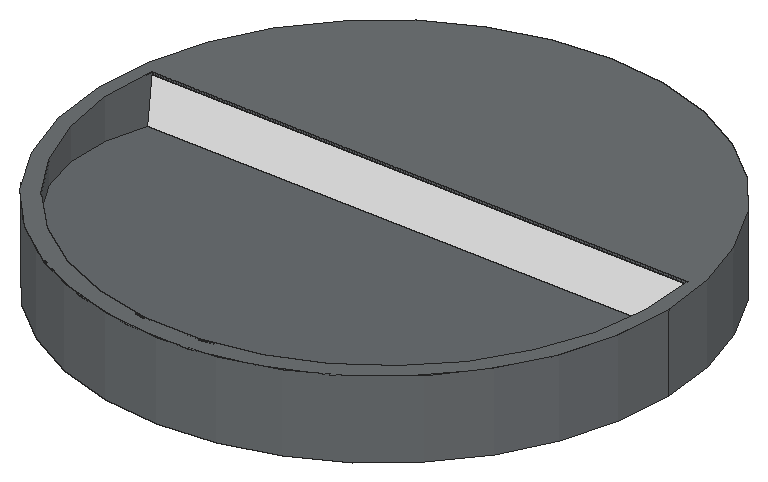
Revit family "Thorn CESAR STRIDE", category Lighting Fixtures, host Face, Revit 2023
Family settings
  Host = Face
  Round Connector Dimension = Use Diameter
  Part Type = Normal
  Cut with Voids When Loaded = Yes
  Light Source = Yes
  Maintain Annotation Orientation = No
  Shared = No
  Room Calculation Point = Yes
Parameters (values of type "CESAR STRIDE M SE 28L 927 RD ANT")
  Wattage = 10.1 W
  built-in parameter 1150110 = 1 (stored number, unit not read)
  URL = "https://www.thornlighting.com/96701599"
  Type Image = TLG_CESA_F_STRIDE_M_SE_ANT.jpg
  Type IFC Predefined Type = "DIRECTIONSOURCE"
  built-in parameter 1114217 = 1 (stored number, unit not read)
  Tilt Angle = -90.00°  # constant formula
  built-in parameter 1150109 = 1 (stored number, unit not read)
  built-in parameter 1150134 = 12
  built-in parameter 1150113 = 1 (stored number, unit not read)
  Housing Medium = yes
  Power Factor = 1
  Photometric Web File = "96701599_(STD).IES"
  Model = "96701599"
  Material Housing = Thorn-Aluminium-RAL 7016-Anthracite Grey
  Manufacturer = "Thorn Lighting"  # constant formula
  built-in parameter 1150105 = 79.577 (stored number, unit not read)
  Lumens = 355 lm
  Luminaire Width = 220 mm  # constant formula
  Luminaire Radius = 110 mm  # constant formula
  Luminaire Height = 30 mm  # constant formula
  built-in parameter 1150115 = 1 (stored number, unit not read)
  built-in parameter 1150137 = (empty or 0)
  built-in parameter 1150139 = (empty or 0)
  built-in parameter 1150112 = 1 (stored number, unit not read)
  built-in parameter 1150114 = 1 (stored number, unit not read)
  Lamp = "LED"  # constant formula
  built-in parameter 1150132 = 2
  built-in parameter 1150102 = (empty or 0)
  built-in parameter 1150107 = 2700 (stored number, unit not read)
  built-in parameter 1150138 = (empty or 0)
  built-in parameter 1150106 = 0.79577 (stored number, unit not read)
  Export Type to IFC As = "IfcLightFixtureType"
  Emit from Rectangle Width = Luminaire Width - 10 mm  # 210 mm
  Emit from Rectangle Length = 15 mm  # constant formula
  Emit Shape Visible in Rendering = 0 > 1  # no
  built-in parameter 1150104 = 3.2516 (stored number, unit not read)
  Dimming Lamp Color Temperature Shift = (empty or 0)
  Description = "Wall Mounted Architecural LED Luminaire"  # constant formula
  Default Elevation = 1000 mm  # constant formula
  Color Filter = 16777215
  built-in parameter 1114218 = 1 (stored number, unit not read)
  built-in parameter 1150133 = 10 (stored number, unit not read)
  Assembly Code = "PR_70_70_48_85"
  Apparent Load = Wattage / Power Factor  # 10.1 VA
Types (24, lengths in mm): name | URL | Type Image | Photometric Web File | Model | Material Housing | Lumens | built-in parameter 1150107 | built-in parameter 1150104
  CESAR STRIDE M SE 28L 927 HF ANT | "https://www.thornlighting.com/96700562" | TLG_CESA_F_STRIDE_M_SE_ANT.jpg | "96700562_(STD).IES" | "96700562" | Thorn-Aluminium-RAL 7016-Anthracite Grey | 355 lm | 2700 (stored number, unit not read) | 3.2516 (stored number, unit not read)
  CESAR STRIDE M SE 28L 927 HF BK | "https://www.thornlighting.com/96700560" | TLG_CESA_F_STRIDE_M_SE_BK.jpg | "96700560_(STD).IES" | "96700560" | Thorn-Aluminium-RAL 9005-Jet Black | 355 lm | 2700 (stored number, unit not read) | 3.2516 (stored number, unit not read)
  CESAR STRIDE M SE 28L 927 HF GY | "https://www.thornlighting.com/96700561" | TLG_CESA_F_STRIDE_M_SE_GY.jpg | "96700561_(STD).IES" | "96700561" | Thorn-Aluminium-RAL 9006-White Aluminium | 355 lm | 2700 (stored number, unit not read) | 3.2516 (stored number, unit not read)
  CESAR STRIDE M SE 28L 927 HF WH | "https://www.thornlighting.com/96700559" | TLG_CESA_F_STRIDE_M_SE_WH.jpg | "96700559_(STD).IES" | "96700559" | Thorn-Aluminium-RAL 9016-Traffic White | 355 lm | 2700 (stored number, unit not read) | 3.2516 (stored number, unit not read)
  CESAR STRIDE M SE 28L 927 RD ANT | "https://www.thornlighting.com/96701599" | TLG_CESA_F_STRIDE_M_SE_ANT.jpg | "96701599_(STD).IES" | "96701599" | Thorn-Aluminium-RAL 7016-Anthracite Grey | 355 lm | 2700 (stored number, unit not read) | 3.2516 (stored number, unit not read)
  CESAR STRIDE M SE 28L 927 RD BK | "https://www.thornlighting.com/96701597" | TLG_CESA_F_STRIDE_M_SE_BK.jpg | "96701597_(STD).IES" | "96701597" | Thorn-Aluminium-RAL 9005-Jet Black | 355 lm | 2700 (stored number, unit not read) | 3.2516 (stored number, unit not read)
  CESAR STRIDE M SE 28L 927 RD GY | "https://www.thornlighting.com/96701598" | TLG_CESA_F_STRIDE_M_SE_GY.jpg | "96701598_(STD).IES" | "96701598" | Thorn-Aluminium-RAL 9006-White Aluminium | 355 lm | 2700 (stored number, unit not read) | 3.2516 (stored number, unit not read)
  CESAR STRIDE M SE 28L 927 RD WH | "https://www.thornlighting.com/96701596" | TLG_CESA_F_STRIDE_M_SE_WH.jpg | "96701596_(STD).IES" | "96701596" | Thorn-Aluminium-RAL 9016-Traffic White | 355 lm | 2700 (stored number, unit not read) | 3.2516 (stored number, unit not read)
  CESAR STRIDE M SE 28L 930 HF ANT | "https://www.thornlighting.com/96700570" | TLG_CESA_F_STRIDE_M_SE_ANT.jpg | "96700570_(STD).IES" | "96700570" | Thorn-Aluminium-RAL 7016-Anthracite Grey | 374 lm | 3000 (stored number, unit not read) | 3.4374 (stored number, unit not read)
  CESAR STRIDE M SE 28L 930 HF BK | "https://www.thornlighting.com/96700568" | TLG_CESA_F_STRIDE_M_SE_BK.jpg | "96700568_(STD).IES" | "96700568" | Thorn-Aluminium-RAL 9005-Jet Black | 374 lm | 3000 (stored number, unit not read) | 3.4374 (stored number, unit not read)
  CESAR STRIDE M SE 28L 930 HF GY | "https://www.thornlighting.com/96700569" | TLG_CESA_F_STRIDE_M_SE_GY.jpg | "96700569_(STD).IES" | "96700569" | Thorn-Aluminium-RAL 9006-White Aluminium | 374 lm | 3000 (stored number, unit not read) | 3.4374 (stored number, unit not read)
  CESAR STRIDE M SE 28L 930 HF WH | "https://www.thornlighting.com/96700567" | TLG_CESA_F_STRIDE_M_SE_WH.jpg | "96700567_(STD).IES" | "96700567" | Thorn-Aluminium-RAL 9016-Traffic White | 374 lm | 3000 (stored number, unit not read) | 3.4374 (stored number, unit not read)
  CESAR STRIDE M SE 28L 930 RD ANT | "https://www.thornlighting.com/96701607" | TLG_CESA_F_STRIDE_M_SE_ANT.jpg | "96701607_(STD).IES" | "96701607" | Thorn-Aluminium-RAL 7016-Anthracite Grey | 374 lm | 3000 (stored number, unit not read) | 3.4374 (stored number, unit not read)
  CESAR STRIDE M SE 28L 930 RD BK | "https://www.thornlighting.com/96701605" | TLG_CESA_F_STRIDE_M_SE_BK.jpg | "96701605_(STD).IES" | "96701605" | Thorn-Aluminium-RAL 9005-Jet Black | 374 lm | 3000 (stored number, unit not read) | 3.4374 (stored number, unit not read)
  CESAR STRIDE M SE 28L 930 RD GY | "https://www.thornlighting.com/96701606" | TLG_CESA_F_STRIDE_M_SE_GY.jpg | "96701606_(STD).IES" | "96701606" | Thorn-Aluminium-RAL 9006-White Aluminium | 374 lm | 3000 (stored number, unit not read) | 3.4374 (stored number, unit not read)
  CESAR STRIDE M SE 28L 930 RD WH | "https://www.thornlighting.com/96701604" | TLG_CESA_F_STRIDE_M_SE_WH.jpg | "96701604_(STD).IES" | "96701604" | Thorn-Aluminium-RAL 9016-Traffic White | 374 lm | 3000 (stored number, unit not read) | 3.4374 (stored number, unit not read)
  CESAR STRIDE M SE 28L 940 HF ANT | "https://www.thornlighting.com/96700566" | TLG_CESA_F_STRIDE_M_SE_ANT.jpg | "96700566_(STD).IES" | "96700566" | Thorn-Aluminium-RAL 7016-Anthracite Grey | 388 lm | 4000 (stored number, unit not read) | 3.5303 (stored number, unit not read)
  CESAR STRIDE M SE 28L 940 HF BK | "https://www.thornlighting.com/96700564" | TLG_CESA_F_STRIDE_M_SE_BK.jpg | "96700564_(STD).IES" | "96700564" | Thorn-Aluminium-RAL 9005-Jet Black | 388 lm | 4000 (stored number, unit not read) | 3.5303 (stored number, unit not read)
  CESAR STRIDE M SE 28L 940 HF GY | "https://www.thornlighting.com/96700565" | TLG_CESA_F_STRIDE_M_SE_GY.jpg | "96700565_(STD).IES" | "96700565" | Thorn-Aluminium-RAL 9006-White Aluminium | 388 lm | 4000 (stored number, unit not read) | 3.5303 (stored number, unit not read)
  CESAR STRIDE M SE 28L 940 HF WH | "https://www.thornlighting.com/96700563" | TLG_CESA_F_STRIDE_M_SE_WH.jpg | "96700563_(STD).IES" | "96700563" | Thorn-Aluminium-RAL 9016-Traffic White | 388 lm | 4000 (stored number, unit not read) | 3.5303 (stored number, unit not read)
  CESAR STRIDE M SE 28L 940 RD ANT | "https://www.thornlighting.com/96701603" | TLG_CESA_F_STRIDE_M_SE_ANT.jpg | "96701603_(STD).IES" | "96701603" | Thorn-Aluminium-RAL 7016-Anthracite Grey | 388 lm | 4000 (stored number, unit not read) | 3.5303 (stored number, unit not read)
  CESAR STRIDE M SE 28L 940 RD BK | "https://www.thornlighting.com/96701601" | TLG_CESA_F_STRIDE_M_SE_BK.jpg | "96701601_(STD).IES" | "96701601" | Thorn-Aluminium-RAL 9005-Jet Black | 388 lm | 4000 (stored number, unit not read) | 3.5303 (stored number, unit not read)
  CESAR STRIDE M SE 28L 940 RD GY | "https://www.thornlighting.com/96701602" | TLG_CESA_F_STRIDE_M_SE_GY.jpg | "96701602_(STD).IES" | "96701602" | Thorn-Aluminium-RAL 9006-White Aluminium | 388 lm | 4000 (stored number, unit not read) | 3.5303 (stored number, unit not read)
  CESAR STRIDE M SE 28L 940 RD WH | "https://www.thornlighting.com/96701600" | TLG_CESA_F_STRIDE_M_SE_WH.jpg | "96701600_(STD).IES" | "96701600" | Thorn-Aluminium-RAL 9016-Traffic White | 388 lm | 4000 (stored number, unit not read) | 3.5303 (stored number, unit not read)
Reference planes
  plane 1 "Center (Front/Back)": y = 0
  plane 2: z = 0
  plane 3 "Center (Left/Right)": x = 0
  plane 4: x = -110
  plane 5: x = 110
  plane 6: y = 110
  plane 7: y = -110
  plane 8: z = 30
Forms (mm)
  Extrusion 1, solid, material "Thorn-Aluminium-RAL 7016-Anthracite Grey" <- "Material Housing"
    sketch origin (0, 0, 0) x (1, 0, 0) y (0, 1, 0)
      loop
        circle (0, 0) r 110
    from 0 to 30
  Extrusion 2, solid, material "Thorn-Plastic-Self Illuminated 4000K"
    sketch origin (0, 0, 0) x (0, 1, 0) y (0, 0, 1)
      loop
        line (16.941, 29.2) -> (14.923, 11.846) -> (18.191, 11.466) -> (18.191, 29.2) -> (16.941, 29.2)
    from -105 to 105
  Extrusion 3, void
    sketch origin (0, 0, 0) x (1, 0, 0) y (0, 1, 0)
      loop
        line (103.596, 16.941) -> (-103.596, 16.941)
        arc (-103.596, 16.941) -> (0, -103.255) -> (103.596, 16.941) r 104.742
    from 12 to 38.374
  Extrusion 4, solid, material "Thorn-Aluminium-RAL 7016-Anthracite Grey" <- "Material Housing"
    sketch origin (0, 0, 0) x (0, 1, 0) y (0, 0, 1)
      loop
        line (-103.255, 30) -> (-103.255, 12) -> (15.215, 12) -> (-103.255, 30)
    from -105 to 105
  Extrusion 5, void
    sketch origin (0, 0, 0) x (1, 0, 0) y (0, 1, 0)
      loop
        arc (100.758, 30.104) -> (0, -103.255) -> (-100.758, 30.104) r 104.742
        line (-100.758, 30.104) -> (-140.039, 30.104)
        arc (-140.039, 30.104) -> (0, -152.5) -> (140.039, 30.104) r 145
        line (140.039, 30.104) -> (100.758, 30.104)
    from 0 to 250
Cuts and joins
  Extrusion 3 cuts Extrusion 1
  Extrusion 5 cuts Extrusion 4
Lines and regions (mm)
  Filled region 1, type "White"
    outline origin (0, 0, 0) x (1, 0, 0) y (0, 1, 0)
      loop
        circle (0, 0) r 110
  symbolic lines
    curve 1: line (-105, 14.729, 0) -> (105, 14.729, 0)
    curve 2: line (-105, 0, 0) -> (-105, 14.729, 0)
    curve 3: line (105, 14.729, 0) -> (105, 0, 0)
    curve 4: arc (-105, 0, 0) -> (0, -105, 0) -> (105, 0, 0) r 105
  model lines, style "InvisibleLines"
    curve 5: line (0, 0, 0) -> (0, 0, 500)
    curve 6: line (0, 0, 500) -> (34.202, 0, 406.031)
    curve 7: line (0, 0, 500) -> (-34.202, 0, 406.031)
    curve 8: line (-250, 0, 0) -> (250, 0, 0)
Dimensions and locks
  equal spacing: plane 4, plane 3 "Center (Left/Right)", plane 5
  "Luminaire Width": plane 4 to plane 5
  equal spacing: plane 7, plane 1 "Center (Front/Back)", plane 6
  "Luminaire Width": plane 7 to plane 6
  "Luminaire Height": plane 8 to level
  "Luminaire Radius": radius of Filled region 1 sketch curve
  "Luminaire Radius": radius of Extrusion 1 sketch curve
  aligned and locked: plane 2 to host face
  aligned and locked: level to host face
  aligned and locked: plane 8 to Extrusion 1
Automatic sketch dimensions
  host sketch curve to host sketch curve = 2438.4 mm  (x2)
  plane 1 "Center (Front/Back)" to curve 4 = 0 mm
  curve 4 to plane 3 "Center (Left/Right)" = 0 mm
  plane 4 to curve 1 = 5 mm
  curve 3 to plane 1 "Center (Front/Back)" = 14.729 mm
  Extrusion 3 sketch curve to plane 1 "Center (Front/Back)" = 1.488 mm
  Extrusion 3 sketch curve to plane 3 "Center (Left/Right)" = 0 mm
  plane 5 to Extrusion 3 sketch curve = 6.404 mm
  Extrusion 3 sketch curve to plane 1 "Center (Front/Back)" = 16.941 mm
  Extrusion 5 sketch curve to plane 3 "Center (Left/Right)" = 0 mm  (x2)
  plane 5 to Extrusion 5 sketch curve = 9.242 mm
  Extrusion 5 sketch curve to plane 5 = 30.039 mm
  plane 1 "Center (Front/Back)" to Extrusion 5 sketch curve = 7.5 mm
  plane 4 to Extrusion 5 sketch curve = 9.242 mm
  Extrusion 5 sketch curve to plane 1 "Center (Front/Back)" = 1.488 mm
  Extrusion 5 sketch curve to plane 1 "Center (Front/Back)" = 30.104 mm
  Extrusion 2 sketch curve to plane 1 "Center (Front/Back)" = 14.923 mm
  Extrusion 2 sketch curve to plane 8 = 0.8 mm
  Extrusion 2 sketch curve to plane 1 "Center (Front/Back)" = 16.941 mm
  Extrusion 2 sketch curve to Extrusion 2 sketch curve = 1.251 mm
  level to Extrusion 2 sketch curve = 11.846 mm
  Extrusion 4 sketch curve to plane 8 = 0 mm
  Extrusion 4 sketch curve to plane 7 = 6.745 mm
  Extrusion 4 sketch curve to plane 1 "Center (Front/Back)" = 15.215 mm
  level to Extrusion 4 sketch curve = 12 mm
  curve 7 to plane 3 "Center (Left/Right)" = 0 mm
  curve 5 to level = 0 mm
  plane 8 to curve 7 = 470 mm
  curve 7 to plane 3 "Center (Left/Right)" = 34.202 mm
  plane 4 to curve 8 = 360 mm
  curve 8 to curve 8 = 500 mm
  plane 3 "Center (Left/Right)" to curve 6 = 34.202 mm
  curve 6 to curve 5 = 93.969 mm
  curve 7 to curve 6 = 0 mm
  plane 1 "Center (Front/Back)" to Filled region 1 sketch curve = 0 mm
  Filled region 1 sketch curve to plane 3 "Center (Left/Right)" = 0 mm
  plane 1 "Center (Front/Back)" to Extrusion 1 sketch curve = 0 mm
  Extrusion 1 sketch curve to plane 3 "Center (Left/Right)" = 0 mm
Connectors
  electrical at (0, 0, 0), driven by "Apparent Load", driven by "Power Factor"
    settings: index 1, voltage 230 V, apparent load 10.1 VA, apparent load phase1 0 VA, apparent load phase2 0 VA, apparent load phase3 0 VA, power factor 1, load classification "Lighting", number of poles 1, system type 30, power factor state 1, is connector primary yes, connector utility no, sub classification motor no, connector description ""
